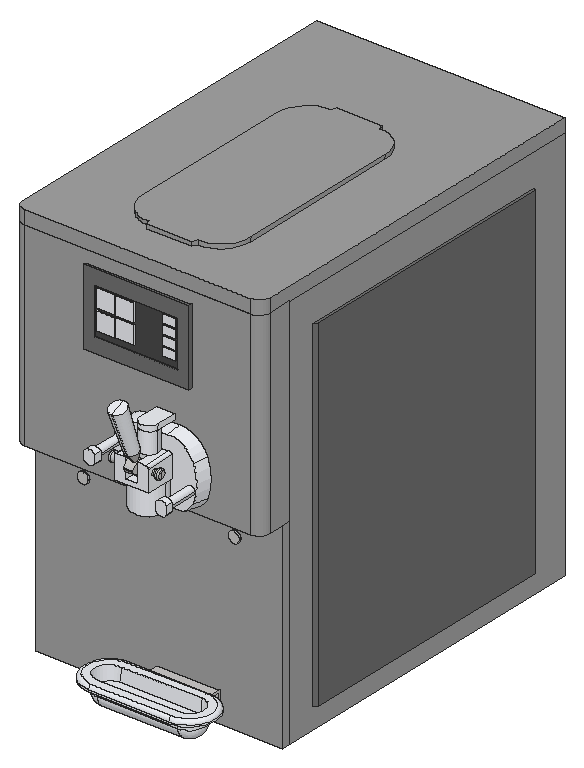
Revit family "QF_ELECTROLUXPROFESSIONAL_560062_CAP114DGA3P", category Specialty Equipment, Revit 2018
Family settings
  Round Connector Dimension = Use Diameter
  Part Type = Normal
  Work Plane-Based = No
  Always vertical = Yes
  Cut with Voids When Loaded = No
  Shared = No
  Room Calculation Point = No
Parameters
  Watts = 0 W
  HP = ""
  Direct Waste Size = 0 mm
Reference planes
  plane 1 "Center (Front/Back)": y = 0
  plane 2: z = 0
  plane 3 "Center (Left/Right)": x = 0
  plane 4 "BASE": z = 30
  plane 5 "TOP": z = 797
  plane 6 "FRONT": y = -417
  plane 7 "BACK": y = 417
  plane 8 "LEFT": x = -232.5
  plane 9 "RIGHT": x = 232.5
  plane 10 "PLANE": z = 105
  plane 11: z = 399
  plane 12: y = 287
  plane 13: y = -111
  plane 14: x = -147
  plane 15: x = 147
  plane 16: y = 410
  plane 17: y = 390
  plane 18 "Panel": y = -227
  plane 19 "CenterX": y = -330.377
  plane 20 "CenterY": x = 48.589
  plane 21 "DispenserX": z = 502.906
  plane 22 "HoleY": y = -359.094
  plane 23: y = -378
Forms (mm)
  Extrusion 1, solid, material "QF_Finishes_Rubber Black"
    sketch origin (0, 0, 0) x (1, 0, 0) y (0, 1, 0)
      loop
        circle (-147, 287) r 20
    from 30 to 0
  Extrusion 2, solid, material "QF_Finishes_Rubber Black"
    sketch origin (0, 0, 0) x (1, 0, 0) y (0, 1, 0)
      loop
        circle (-147, -111) r 20
    from 30 to 0
  Extrusion 3, solid, material "QF_Finishes_Rubber Black"
    sketch origin (5, 0, 0) x (1, 0, 0) y (0, 1, 0)
      loop
        circle (142.097, 287) r 20
    from 30 to 0
  Extrusion 4, solid, material "QF_Finishes_Rubber Black"
    sketch origin (0, 0, 0) x (1, 0, 0) y (0, 1, 0)
      loop
        circle (142.097, -111) r 20
    from 30 to 0
  Extrusion 5, solid, material "QF_Finishes_Rubber Black"
    sketch origin (0, 0, 0) x (1, 0, 0) y (0, 1, 0)
      loop
        line (200, 410) -> (193, 417) -> (-193, 417) -> (-200, 410) -> (200, 410)
    from 70 to 705
  Extrusion 6, solid, material "QF_Finishes_Rubber Black"
    sketch origin (0, 0, 0) x (1, 0, 0) y (0, 1, 0)
      loop
        line (225.5, 338.446) -> (225.5, -174.757) -> (232.5, -167.757) -> (232.5, 331.446) -> (225.5, 338.446)
    from 70 to 705
  Extrusion 7, solid, material "QF_Finishes_Gray"
    sketch origin (0, 0, 0) x (1, 0, 0) y (0, 1, 0)
      loop
        line (-232.5, 410) -> (-232.5, -227) -> (225.5, -227) -> (225.5, 410) -> (-232.5, 410)
    from 765 to 30
  Extrusion 8, solid, material "QF_Finishes_Gray"
    sketch origin (0, 0, 0) x (1, 0, 0) y (0, 1, 0)
      loop
        line (-100, 152.026) -> (-100, -159.18)
        arc (-100, -159.18) -> (-83.917, -198.045) -> (-45.075, -214.18) r 55
        line (-45.075, -214.18) -> (-41.655, -223.577) -> (41.655, -223.577) -> (45.075, -214.18)
        arc (45.075, -214.18) -> (83.917, -198.045) -> (100, -159.18) r 55
        line (100, -159.18) -> (100, 152.026)
        arc (100, 152.026) -> (83.917, 190.89) -> (45.075, 207.026) r 55
        line (45.075, 207.026) -> (41.655, 216.423) -> (-41.655, 216.423) -> (-45.075, 207.026)
        arc (-45.075, 207.026) -> (-83.917, 190.89) -> (-100, 152.026) r 55
    from 797 to 790
  Extrusion 9, solid, material "QF_Finishes_Gray"
    sketch origin (0, 0, 0) x (1, 0, 0) y (0, 1, 0)
      loop
        line (-232.5, 410) -> (-232.5, -270.442)
        arc (-232.5, -270.442) -> (-226.642, -284.584) -> (-212.5, -290.442) r 20
        line (-212.5, -290.442) -> (205.5, -290.442)
        arc (205.5, -290.442) -> (219.642, -284.584) -> (225.5, -270.442) r 20
        line (225.5, -270.442) -> (225.5, 410) -> (-232.5, 410)
    from 790 to 765
  Extrusion 10, solid, material "QF_Finishes_Gray"
    sketch origin (0, 0, 0) x (1, 0, 0) y (0, 1, 0)
      loop
        arc (-232.5, -270.442) -> (-226.642, -284.584) -> (-212.5, -290.442) r 20
        line (-212.5, -290.442) -> (205.5, -290.442)
        arc (205.5, -290.442) -> (219.642, -284.584) -> (225.5, -270.442) r 20
        line (225.5, -270.442) -> (225.5, -227) -> (-232.5, -227) -> (-232.5, -270.442)
    from 399 to 765
  Extrusion 11, solid, material "QF_Finishes_Gray"
    sketch origin (0, 0, 0) x (1, 0, 0) y (0, 1, 0)
      loop
        line (-232.5, -227) -> (-232.5, -242) -> (225.5, -242) -> (225.5, -227) -> (-232.5, -227)
    from 30 to 399
  Extrusion 12, solid, material "QF_Finishes_Rubber Black"
    sketch origin (0, -417, 0) x (-1, 0, 0) y (0, 0, 1)
      loop
        line (-95, 742) -> (-95, 602) -> (100, 602) -> (100, 742) -> (-95, 742)
      loop
        line (80, 715) -> (-75, 715) -> (-75, 629) -> (80, 629) -> (80, 715)
    from 131.011 to 121
  Extrusion 13, solid, material "QF_Plastic-Black-Matte"
    sketch origin (0, -417, 0) x (-1, 0, 0) y (0, 0, 1)
      loop
        line (80, 715) -> (-75, 715) -> (-75, 629) -> (80, 629) -> (80, 715)
    from 131.011 to 123
  Blend 14, solid, material "QF_Finishes_White"
    base sketch origin (0, -417, 0) x (-1, 0, 0) y (0, 0, 1)
      loop
        line (-17.867, 534.877) -> (-72.867, 534.877)
        arc (-72.867, 534.877) -> (-104.498, 524.904) -> (-124.689, 498.591) r 55.147
        arc (-124.689, 498.591) -> (-130.721, 464.381) -> (-124.689, 430.171) r 100.024
        arc (-124.689, 430.171) -> (-109.879, 411.813) -> (-86.926, 406.378) r 36.422
        line (-86.926, 406.378) -> (-13.841, 406.378)
        arc (-13.841, 406.378) -> (11.118, 423.732) -> (28.657, 448.561) r 87.736
        arc (28.657, 448.561) -> (32.359, 477.841) -> (28.62, 507.117) r 117.056
        arc (28.62, 507.117) -> (9.205, 527.409) -> (-17.867, 534.877) r 52.805
    top sketch origin (0, -417, 0) x (-1, 0, 0) y (0, 0, 1)
      loop
        arc (23.932, 505.269) -> (6.385, 523.268) -> (-17.867, 529.877) r 47.805
        line (-17.867, 529.877) -> (-72.867, 529.877)
        arc (-72.867, 529.877) -> (-101.631, 520.808) -> (-119.99, 496.881) r 50.147
        arc (-119.99, 496.881) -> (-125.721, 464.381) -> (-119.99, 431.881) r 95.024
        arc (-119.99, 431.881) -> (-107.114, 415.981) -> (-87.178, 411.378) r 31.422
        line (-87.178, 411.378) -> (-14.959, 411.378)
        arc (-14.959, 411.378) -> (7.813, 427.497) -> (23.932, 450.269) r 82.736
        arc (23.932, 450.269) -> (27.359, 477.769) -> (23.932, 505.269) r 112.056
    from 126.558 to 100
  Sweep 15, solid, material "QF_Finishes_White"
    path origin (0, -0.902, 0) x (1, 0, 0) y (0, 1, 0)
      loop
        arc (124.288, -379.34) -> (174.152, -329.476) -> (124.288, -279.611) r 49.864
        line (124.288, -279.611) -> (-24.465, -279.611)
        arc (-24.465, -279.611) -> (-74.329, -329.476) -> (-24.465, -379.34) r 49.864
        line (-24.465, -379.34) -> (124.288, -379.34)
    profile origin (49.912, -380.242, 0) x (0, -1, 0) y (0, 0, 1)
      loop
        arc (-40, 56.47) -> (-27.38, 64.297) -> (-22.447, 78.305) r 22.357
        line (-22.447, 78.305) -> (-20.953, 95.387) -> (-2.242, 95.387) -> (-2.242, 98.387)
        arc (-2.242, 98.387) -> (-4.179, 103.063) -> (-8.855, 105) r 6.613
        line (-8.855, 105) -> (-23.219, 105) -> (-25.397, 80.095) -> (-40, 80.095) -> (-40, 56.47)
  Revolve 16, solid, material "QF_Finishes_White"
    sketch origin (0, -330.377, 0) x (-1, 0, 0) y (0, 0, 1)
      loop
        line (-17, 458.985) -> (-45.961, 458.985) -> (-45.961, 502.906) -> (-32, 502.906) -> (-32, 540.7) -> (-48.589, 540.7) -> (-48.589, 399)
        arc (-48.589, 399) -> (-35.782, 401.599) -> (-25, 408.985) r 32.856
        line (-25, 408.985) -> (-17, 408.985) -> (-17, 458.985)
      axis (-48.589, 399) -> (-48.589, 540.7)
    angle from 0 to 360
  Extrusion 17, solid, material "QF_Finishes_White"
    sketch origin (0, -417, 0) x (-1, 0, 0) y (0, 0, 1)
      loop
        line (-80.178, 458.985) -> (-17, 458.985) -> (-17, 497.906)
        arc (-17, 497.906) -> (-18.465, 501.442) -> (-22, 502.906) r 5
        line (-22, 502.906) -> (-37.291, 502.906) -> (-37.291, 466.693) -> (-59.888, 466.693) -> (-59.888, 502.906) -> (-75.178, 502.906)
        arc (-75.178, 502.906) -> (-78.714, 501.442) -> (-80.178, 497.906) r 5
        line (-80.178, 497.906) -> (-80.178, 458.985)
    from 46.352 to 100
  Extrusion 18, solid, material "QF_Finishes_Stainless Steel"
    sketch origin (48.589, 0, 0) x (0, -1, 0) y (0, 0, 1)
      loop
        arc (378.299, 489.717) -> (371.207, 497.676) -> (361.14, 501.185) r 21.226
        line (361.14, 501.185) -> (357.048, 501.185) -> (325.071, 496.12)
        arc (325.071, 496.12) -> (320.535, 488.808) -> (325.071, 481.495) r 8.163
        line (325.071, 481.495) -> (357.048, 476.43) -> (361.14, 476.43)
        arc (361.14, 476.43) -> (371.207, 479.939) -> (378.299, 487.898) r 21.226
        line (378.299, 487.898) -> (378.299, 489.717)
    from -9 to 9
  Revolve 19, solid, material "QF_Finishes_Stainless Steel"
    sketch origin (48.589, 0, 0) x (0, -1, 0) y (0, 0, 1)
      loop
        line (363.235, 499.595) -> (370.502, 518.527) -> (359.094, 522.906) -> (359.094, 501.185) -> (363.235, 499.595)
      axis (363.235, 499.595) -> (370.502, 518.527)
    angle from 0 to 360
  Revolve 20, solid, material "QF_Finishes_White"
    sketch origin (48.589, 0, 0) x (0, -1, 0) y (0, 0, 1)
      loop
        line (359.094, 522.906) -> (370.502, 518.527) -> (402.736, 602.498) -> (388.395, 608.003) -> (359.094, 522.906)
      axis (370.502, 518.527) -> (402.736, 602.498)
    angle from 0 to 360
  Extrusion 21, solid, material "QF_Finishes_White"
    sketch origin (0, -417, 0) x (-1, 0, 0) y (0, 0, 1)
      loop
        circle (-114.635, 451.539) r 7.506
    from 45 to 100
  Extrusion 22, solid, material "QF_Finishes_White"
    sketch origin (0, -417, 0) x (-1, 0, 0) y (0, 0, 1)
      loop
        arc (-104.635, 459.044) -> (-114.635, 464.044) -> (-124.635, 459.044) r 12.5
        line (-124.635, 459.044) -> (-124.635, 444.044)
        arc (-124.635, 444.044) -> (-114.635, 439.044) -> (-104.635, 444.044) r 12.5
        line (-104.635, 444.044) -> (-104.635, 459.044)
    from 32 to 45
  Extrusion 23, solid, material "QF_Finishes_White"
    sketch origin (97.179, -417, 40) x (1, 0, 0) y (0, 0, -1)
      loop
        circle (-114.635, -451.539) r 7.506
    from 45 to 100
  Extrusion 24, solid, material "QF_Finishes_White"
    sketch origin (97.179, -417, 38.705) x (1, 0, 0) y (0, 0, -1)
      loop
        line (-104.635, -459.044) -> (-104.635, -444.044)
        arc (-104.635, -444.044) -> (-114.635, -439.044) -> (-124.635, -444.044) r 12.5
        line (-124.635, -444.044) -> (-124.635, -459.044)
        arc (-124.635, -459.044) -> (-114.635, -464.044) -> (-104.635, -459.044) r 12.5
    from 32 to 45
  Extrusion 25, solid, material "QF_Finishes_White"
    sketch origin (0, 0.327, 502.906) x (-1, 0, 0) y (0, -1, 0)
      loop
        arc (-32, 330.377) -> (-48.589, 346.966) -> (-65.178, 330.377) r 16.589
        line (-65.178, 330.377) -> (-65.178, 292.42) -> (-32, 292.42) -> (-32, 330.377)
    from 37.793 to 47.43
  Extrusion 26, solid, material "QF_Finishes_White"
    sketch origin (0, -0.902, 105) x (0, 1, 0) y (-1, 0, 0)
      loop
        arc (-319.611, 24.465) -> (-329.476, 34.329) -> (-339.34, 24.465) r 9.864
        line (-339.34, 24.465) -> (-339.34, -124.288)
        arc (-339.34, -124.288) -> (-329.476, -134.152) -> (-319.611, -124.288) r 9.864
        line (-319.611, -124.288) -> (-319.611, 24.465)
    from -48.53 to -24.905
  Extrusion 27, solid, material "QF_Finishes_Stainless Steel"
    sketch origin (48.589, 0, 0) x (0, -1, 0) y (0, 0, 1)
      loop
        line (280.513, 95.387) -> (280.513, 85.387) -> (242, 85.387) -> (242, 42.387) -> (245, 42.387) -> (245, 82.387) -> (283.513, 82.387) -> (283.513, 95.387) -> (280.513, 95.387)
    from -60.17 to 55.108
  Extrusion 28, void
    sketch origin (48.589, 0, 0) x (0, -1, 0) y (0, 0, 1)
      loop
        circle (359.094, 488.808) r 5
    from -31.589 to 31.589
  Revolve 29, solid, material "QF_Finishes_Stainless Steel"
    sketch origin (0, -359.094, 0) x (0, 0, 1) y (1, 0, 0)
      loop
        line (493.808, 80.178) -> (493.808, 84.651) -> (497.46, 89.868) -> (497.46, 92.697) -> (495.124, 95.033) -> (488.808, 95.033) -> (488.808, 80.178) -> (493.808, 80.178)
      loop
        line (493.808, 17) -> (488.808, 17) -> (488.808, 2.146) -> (495.124, 2.146) -> (497.46, 4.482) -> (497.46, 7.311) -> (493.808, 12.528) -> (493.808, 17)
      axis (488.808, 2.146) -> (488.808, 95.033)
    angle from 0 to 360
  Extrusion 30, solid, material "QF_Finishes_Stainless Steel"
    sketch origin (0, -227, 0) x (1, 0, 0) y (0, 0, 1)
      loop
        circle (-142.42, 350.164) r 10
      loop
        circle (137.549, 350.164) r 10
    from 15 to 17.498
  Extrusion 31, solid, material "QF_Finishes_Stainless Steel"
    sketch origin (0, 0, 30) x (-1, 0, 0) y (0, -1, 0)
      loop
        circle (-170.5, -192) r 20
    from 0 to -11.079
  Extrusion 32, solid, material "QF_Finishes_White"
    sketch origin (0, -417, 0) x (-1, 0, 0) y (0, 0, 1)
      loop
        line (75, 711) -> (42, 711) -> (42, 678) -> (75, 678) -> (75, 711)
      loop
        line (75, 641) -> (75, 674) -> (42, 674) -> (42, 641) -> (75, 641)
      loop
        line (40, 711) -> (7, 711) -> (7, 678) -> (40, 678) -> (40, 711)
      loop
        line (40, 641) -> (40, 674) -> (7, 674) -> (7, 641) -> (40, 641)
      loop
        line (-70, 711) -> (-70, 696) -> (-46, 696) -> (-46, 711) -> (-70, 711)
      loop
        line (-70, 678) -> (-46, 678) -> (-46, 693) -> (-70, 693) -> (-70, 678)
      loop
        line (-70, 674) -> (-70, 659) -> (-46, 659) -> (-46, 674) -> (-70, 674)
      loop
        line (-70, 641) -> (-46, 641) -> (-46, 656) -> (-70, 656) -> (-70, 641)
    from 123 to 121
Cuts and joins
  Extrusion 28 cuts Extrusion 17
  Extrusion 28 cuts Extrusion 18
  Extrusion 28 cuts Extrusion 23
  joined: Sweep 15, Extrusion 26
Lines and regions (mm)
  symbolic lines
    curve 1: line (-232.5, 410, 30) -> (-232.5, -270.442, 30)
    curve 2: arc (-232.5, -270.442, 30) -> (-226.642, -284.584, 30) -> (-212.5, -290.442, 30) r 20
    curve 3: line (-212.5, -290.442, 30) -> (205.5, -290.442, 30)
    curve 4: arc (205.5, -290.442, 30) -> (219.642, -284.584, 30) -> (225.5, -270.442, 30) r 20
    curve 5: line (225.5, -270.442, 30) -> (225.5, 410, 30)
    curve 6: line (225.5, 410, 30) -> (-232.5, 410, 30)
    curve 7: line (-193, 417, 30) -> (-200, 410, 30)
    curve 8: line (193, 417, 30) -> (-193, 417, 30)
    curve 9: line (200, 410, 30) -> (193, 417, 30)
    curve 10: line (232.5, 331.446, 30) -> (225.5, 338.446, 30)
    curve 11: line (232.5, -167.757, 30) -> (232.5, 331.446, 30)
    curve 12: line (225.5, -174.757, 30) -> (232.5, -167.757, 30)
    curve 13: line (-41.655, -223.577, 30) -> (41.655, -223.577, 30)
    curve 14: line (-45.075, -214.18, 30) -> (-41.655, -223.577, 30)
    curve 15: line (41.655, -223.577, 30) -> (45.075, -214.18, 30)
    curve 16: arc (45.075, -214.18, 30) -> (83.917, -198.045, 30) -> (100, -159.18, 30) r 55
    curve 17: arc (-100, -159.18, 30) -> (-83.917, -198.045, 30) -> (-45.075, -214.18, 30) r 55
    curve 18: line (-100, 152.026, 30) -> (-100, -159.18, 30)
    curve 19: line (100, -159.18, 30) -> (100, 152.026, 30)
    curve 20: arc (100, 152.026, 30) -> (83.917, 190.89, 30) -> (45.075, 207.026, 30) r 55
    curve 21: line (45.075, 207.026, 30) -> (41.655, 216.423, 30)
    curve 22: line (41.655, 216.423, 30) -> (-41.655, 216.423, 30)
    curve 23: line (-41.655, 216.423, 30) -> (-45.075, 207.026, 30)
    curve 24: arc (-45.075, 207.026, 30) -> (-83.917, 190.89, 30) -> (-100, 152.026, 30) r 55
    curve 25: line (-100, -290.442, 30) -> (-100, -296, 30)
    curve 26: line (-100, -296, 30) -> (95, -296, 30)
    curve 27: line (95, -296, 30) -> (95, -290.442, 30)
    curve 28: line (65.178, -330.051, 30) -> (65.178, -296, 30)
    curve 29: line (32, -296, 30) -> (32, -330.051, 30)
    curve 30: arc (32, -330.051, 30) -> (48.589, -346.64, 30) -> (65.178, -330.051, 30) r 16.589
    curve 31: arc (127.808, -306.165, 30) -> (148.691, -332.142, 30) -> (124.288, -354.844, 30) r 24.467
    curve 32: arc (124.288, -357.023, 30) -> (150.861, -332.349, 30) -> (128.221, -304.023, 30) r 26.646
    curve 33: arc (-24.465, -354.844, 30) -> (-48.805, -332.857, 30) -> (-29.399, -306.413, 30) r 24.467
    curve 34: arc (-29.811, -304.273, 30) -> (-50.975, -333.064, 30) -> (-24.465, -357.023, 30) r 26.646
    curve 35: line (-27.457, -372, 30) -> (-27.457, -385, 30)
    curve 36: line (-7.457, -372, 30) -> (-27.457, -372, 30)
    curve 37: line (-27.457, -385, 30) -> (-7.457, -385, 30)
    curve 38: line (-7.457, -385, 30) -> (-7.457, -372, 30)
    curve 39: line (104.635, -385, 30) -> (124.635, -385, 30)
    curve 40: line (124.635, -385, 30) -> (124.635, -372, 30)
    curve 41: line (124.635, -372, 30) -> (104.635, -372, 30)
    curve 42: line (104.635, -372, 30) -> (104.635, -385, 30)
    curve 43: spline (48.589, -388.395, 30) -> (52.565, -388.884, 30) -> (56.27, -390.316, 30) -> (59.451, -392.595, 30) -> (61.892, -395.565, 30) -> (63.427, -399.024, 30) -> (63.95, -402.736, 30) -> (63.427, -406.447, 30) -> (61.892, -409.906, 30) -> (59.451, -412.876, 30) -> (56.27, -415.155, 30) -> (52.565, -416.588, 30) -> (48.589, -417.076, 30)
    curve 44: spline (48.589, -417.076, 30) -> (44.614, -416.588, 30) -> (40.909, -415.155, 30) -> (37.728, -412.876, 30) -> (35.286, -409.906, 30) -> (33.752, -406.447, 30) -> (33.228, -402.736, 30) -> (33.752, -399.024, 30) -> (35.286, -395.565, 30) -> (37.728, -392.595, 30) -> (40.909, -390.316, 30) -> (44.614, -388.884, 30) -> (48.589, -388.395, 30)
    curve 45: spline (60.731, -369.213, 30) -> (60.04, -366.518, 30) -> (58.673, -364.058, 30) -> (56.711, -361.978, 30) -> (54.27, -360.401, 30) -> (51.493, -359.421, 30) -> (48.546, -359.094, 30) -> (45.601, -359.44, 30) -> (42.832, -360.439, 30) -> (40.403, -362.032, 30) -> (38.457, -364.125, 30) -> (37.109, -366.594, 30) -> (36.438, -369.294, 30)
    curve 46: line (39.589, -343.986, 30) -> (39.589, -362.785, 30)
    curve 47: line (37.291, -366.156, 30) -> (37.291, -342.197, 30)
    curve 48: line (57.589, -357.048, 30) -> (39.589, -357.048, 30)
    curve 49: line (39.589, -361.14, 30) -> (41.606, -361.14, 30)
    curve 50: line (59.888, -342.197, 30) -> (59.888, -366.156, 30)
    curve 51: line (57.589, -362.785, 30) -> (57.589, -343.986, 30)
    curve 52: line (17, -370.648, 30) -> (36.306, -370.648, 30)
    curve 53: line (17, -317, 30) -> (17, -370.648, 30)
    curve 54: line (36.438, -369.294, 30) -> (33.293, -401.419, 30)
    curve 55: line (60.731, -369.213, 30) -> (63.833, -400.965, 30)
    curve 56: line (55.572, -361.14, 30) -> (57.589, -361.14, 30)
    curve 57: line (60.871, -370.648, 30) -> (80.178, -370.648, 30)
    curve 58: line (-24.964, -372, 30) -> (-24.964, -317, 30)
    curve 59: line (-9.951, -372, 30) -> (-9.951, -317, 30)
    curve 60: line (-9.951, -354.844, 30) -> (2.146, -354.844, 30)
    curve 61: line (-9.951, -357.023, 30) -> (2.146, -357.023, 30)
    curve 62: line (2.146, -365.41, 30) -> (2.146, -352.778, 30)
    curve 63: line (2.146, -352.778, 30) -> (4.476, -350.447, 30)
    curve 64: line (4.476, -350.447, 30) -> (7.296, -350.447, 30)
    curve 65: line (7.296, -350.447, 30) -> (12.528, -354.094, 30)
    curve 66: line (12.528, -354.094, 30) -> (17, -354.094, 30)
    curve 67: line (12.528, -354.094, 30) -> (12.528, -364.094, 30)
    curve 68: line (2.146, -365.41, 30) -> (4.476, -367.74, 30)
    curve 69: line (4.476, -367.74, 30) -> (7.296, -367.74, 30)
    curve 70: line (7.296, -367.74, 30) -> (12.528, -364.094, 30)
    curve 71: line (4.476, -367.74, 30) -> (4.476, -350.447, 30)
    curve 72: line (7.296, -350.447, 30) -> (7.296, -367.74, 30)
    curve 73: line (12.528, -364.094, 30) -> (17, -364.094, 30)
    curve 74: line (122.143, -372, 30) -> (122.143, -317, 30)
    curve 75: line (107.13, -372, 30) -> (107.13, -317, 30)
    curve 76: line (107.13, -354.844, 30) -> (95.033, -354.844, 30)
    curve 77: line (107.13, -357.023, 30) -> (95.033, -357.023, 30)
    curve 78: line (95.033, -365.41, 30) -> (95.033, -352.778, 30)
    curve 79: line (95.033, -352.778, 30) -> (92.703, -350.447, 30)
    curve 80: line (92.703, -350.447, 30) -> (89.882, -350.447, 30)
    curve 81: line (89.882, -350.447, 30) -> (84.651, -354.094, 30)
    curve 82: line (84.651, -354.094, 30) -> (80.178, -354.094, 30)
    curve 83: line (84.651, -354.094, 30) -> (84.651, -364.094, 30)
    curve 84: line (95.033, -365.41, 30) -> (92.703, -367.74, 30)
    curve 85: line (92.703, -367.74, 30) -> (89.882, -367.74, 30)
    curve 86: line (89.882, -367.74, 30) -> (84.651, -364.094, 30)
    curve 87: line (92.703, -367.74, 30) -> (92.703, -350.447, 30)
    curve 88: line (89.882, -350.447, 30) -> (89.882, -367.74, 30)
    curve 89: line (84.651, -364.094, 30) -> (80.178, -364.094, 30)
    curve 90: line (80.178, -317, 30) -> (80.178, -370.648, 30)
    curve 91: line (-27.359, -317, 30) -> (-31.405, -296, 30)
    curve 92: line (-23.932, -317, 30) -> (-27.639, -296, 30)
    curve 93: line (-27.359, -317, 30) -> (32, -317, 30)
    curve 94: line (125.721, -317, 30) -> (130.838, -290.442, 30)
    curve 95: line (122.294, -317, 30) -> (126.982, -290.442, 30)
    curve 96: line (125.721, -317, 30) -> (65.178, -317, 30)
    curve 97: arc (-27.457, -377.906, 30) -> (-69.188, -346.739, 30) -> (-57.421, -296, 30) r 47.623
    curve 98: line (124.288, -354.844, 30) -> (122.143, -354.844, 30)
    curve 99: line (124.288, -357.023, 30) -> (122.143, -357.023, 30)
    curve 100: arc (150.232, -290.442, 30) -> (169.998, -343.74, 30) -> (124.635, -377.999, 30) r 47.623
    curve 101: line (-7.457, -378, 30) -> (35.586, -378, 30)
    curve 102: line (61.589, -378, 30) -> (104.635, -378, 30)
Dimensions and locks
  plane 4 "BASE" to level = 30.0 mm
  plane 5 "TOP" to level = 797.0 mm
  plane 7 "BACK" to plane 6 "FRONT" = 834.0 mm
  plane 8 "LEFT" to plane 9 "RIGHT" = 465.0 mm
  plane 9 "RIGHT" to plane 8 "LEFT" = 465.0 mm
  plane 10 "PLANE" to level = 105.0 mm
  plane 11 to plane 10 "PLANE" = 294.0 mm
  plane 7 "BACK" to plane 12 = 130.0 mm
  plane 13 to plane 12 = 398.0 mm
  plane 16 to plane 7 "BACK" = 7.0 mm
  plane 17 to plane 16 = 20.0 mm
  plane 18 "Panel" to plane 17 = 617.0 mm
  plane 14 to plane 15 = 294.0 mm
  plane 23 to plane 7 "BACK" = 795.0 mm
  plane 7 "BACK" to plane 23 = 795.0 mm
  radius of Extrusion 30 sketch curve = 10.0 mm
  aligned and locked: level to plane 2
Connectors
  electrical at (170.5, 192, 18.921)
    settings: on Extrusion 31, index 1, voltage 0 V, apparent load 0 VA, apparent load phase1 0 VA, apparent load phase2 0 VA, apparent load phase3 0 VA, power factor 1, load classification "Other", number of poles 1, system type 30, power factor state 1, is connector primary yes, connector utility no, sub classification motor no, connector description "Electrical Connection"
